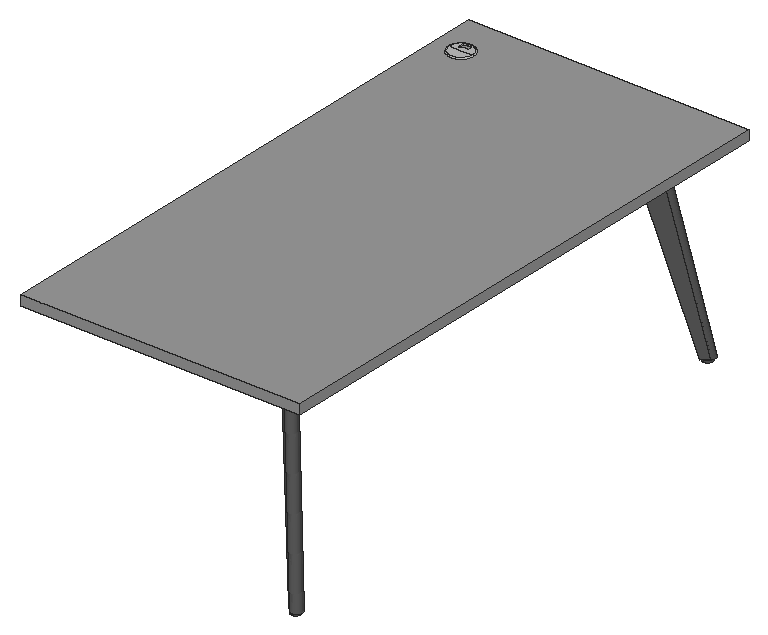
Revit family "Haworth_AWood_Bench_FixedLegs_EndExtension_EU_PRELIMINARY", category Furniture, Revit 2019
Family settings
  OmniClass Number = 23.40.70.14.64.11
  OmniClass Title = Office Furniture
  Work Plane-Based = No
  Always vertical = Yes
  Cut with Voids When Loaded = No
  Shared = No
  Room Calculation Point = No
Parameters (values of type "100 x 200")
  Worksurface Depth = "160, 180, 200cm"  # constant formula
  Worksurface Width = "80, 90, 100cm"  # constant formula
  Warranty = "http://www.haworth.com/resources/product-info/warranties"
  URL - Product = "https://www.haworth.com/eu/en/products/office-desks/a-wood.html?_br_psugg_q=awood"
  Type Comments = ""
  URL = "https://www.haworth.com/eu/en.html"
  Trim Finish = Haworth _ Metal _ Structured White EC
  Tray Depth = Actual Depth - 80 cm  # 120 cm
  Top Finish [instance] = Haworth _ Laminate _ Undecided _ Tables
  Small = no
  Size = "Verify Final Dim.w/ Haworth"  # constant formula
  Round Cable Outlet = yes
  Revision Number = "1"  # constant formula
  No Accessory Kit = not(or(Accessory Kit, Flip Top Cable Outlet, Round Cable Outlet))  # no
  Model = "AWB5LXXXX"  # constant formula
  Medium = not(or(Large, Small))  # no
  Manufacturer = "Haworth"  # constant formula
  Leg Height = Actual Height - 3.5 cm  # 69.5 cm
  Large = yes
  Flip Top Finish = Haworth _ Paint _ Metallic Silver
  Flip Top Cable Outlet = no
  Description = "Haworth - A_Wood - Bench - Fixed Legs - End Extension"  # constant formula
  Base Finish [instance] = Haworth _ Paint _ Black
  Author = "Haworth (Abd Rahman)"  # constant formula
  Assembly Code = "E2020200"
  Actual Width = 100 cm
  Actual Height = 73 cm  # constant formula
  Actual Depth = if(Small, 160 cm, if(Medium, 180 cm, 200 cm))  # 200 cm
  Accessory Kit = yes
Types (9, lengths in cm): name | Tray Depth | Small | Round Cable Outlet | No Accessory Kit | Medium | Large | Flip Top Cable Outlet | Actual Width | Actual Depth | Accessory Kit
  80 x 160 | 80 | yes | no | yes | no | no | no | 80 | 160 | no
  90 x 160 | 80 | yes | no | yes | no | no | no | 90 | 160 | no
  100 x 160 | 80 | yes | no | yes | no | no | no | 100 | 160 | no
  80 x 180 | 100 | no | no | no | yes | no | yes | 80 | 180 | yes
  90 x 180 | 100 | no | yes | no | yes | no | no | 90 | 180 | yes
  100 x 180 | 100 | no | no | no | yes | no | yes | 100 | 180 | yes
  80 x 200 | 120 | no | yes | no | no | yes | no | 80 | 200 | yes
  90 x 200 | 120 | no | no | no | no | yes | yes | 90 | 200 | yes
  100 x 200 | 120 | no | yes | no | no | yes | no | 100 | 200 | yes
Reference planes (cm)
  plane 1 "Center F/B": y = 17.4526
  plane 2: z = 0
  plane 3 "Center L/R": x = 11.43
  plane 4 "Top": z = 73
  plane 5 "Left": x = -38.57
  plane 6 "Right": x = 61.43
  plane 7 "Back": y = 117.4526
  plane 8 "Front": y = -82.5474
  plane 9: y = 102.4526
  plane 10: y = -67.5474
  plane 11: z = 70.5
  plane 12: z = 69.5
  plane 13: x = -33.57
  plane 14: x = 56.43
Dimensions and locks (cm)
  "Actual Height": plane 4 "Top" to level
  equal spacing: plane 7 "Back", plane 1 "Center F/B", plane 8 "Front"
  "Actual Depth": plane 7 "Back" to plane 8 "Front"
  equal spacing: plane 5 "Left", plane 3 "Center L/R", plane 6 "Right"
  "Actual Width": plane 5 "Left" to plane 6 "Right"
  plane 4 "Top" to plane 11 to plane 12 = 2.5 cm locked, 1 cm locked
  locked: plane 5 "Left" to plane 13 at 5
  locked: plane 14 to plane 6 "Right" at 5
  locked: plane 8 "Front" to plane 10 at 15
  locked: plane 7 "Back" to plane 9 at 15
  aligned and locked: plane 4 "Top" to nested 2
  aligned and locked: plane 3 "Center L/R" to nested 1
  aligned and locked: nested 1 to plane 8 "Front"
  aligned and locked: plane 4 "Top" to nested 3
  aligned and locked: plane 1 "Center F/B" to nested 3
  aligned and locked: nested 2 to plane 9
  aligned and locked: plane 13 to nested 3
  aligned and locked: plane 13 to nested 2
  aligned and locked: plane 9 to nested 4
  aligned and locked: nested 4 to plane 14
  aligned and locked: nested 5 to plane 14
  aligned and locked: plane 10 to nested 5
  aligned and locked: plane 12 to nested 5
  aligned and locked: plane 12 to nested 4
Nested families (cm)
  nested 1: "Haworth_A_Wood_Top_Rectangular-PART" at (170.2444, 88.5136, 0), Top Finish <- "Top Finish", type "A_Wood Top Rectangular - PART"
    with Top Finish Haworth _ Laminate _ Undecided _ Tables, Void Depth 0 cm, Scallop no, Rounded Corners no, Actual Width 100 cm, Actual Depth 200 cm
  nested 2: "Haworth_Grommet-PART" at (-13.3841, 131.6626, 20.7768), visible <- "Round Cable Outlet", type "Cable Outlet"
  nested 3: "Haworth-Flip Top" at (-26.2033, 16.0039, -7) x (0, 1, 0) z (0, 0, 1), visible <- "Flip Top Cable Outlet", type "Flip Top - Visio"
    with Actual Width 35 cm, Actual Depth 15 cm
  nested 4: "Haworth_A_Wood_SingleLeg_PART" at (-4.0131, 52.8883, 0) x (0, -1, 0) z (0, 0, 1), Leg Finish <- "Base Finish", type "A_Wood Legs - PART"
    with Leg Finish Haworth _ Paint _ Black
  nested 5: "Haworth_A_Wood_SingleLeg_PART" at (-3.3844, -17.3543, 0) x (-1, 0, 0) z (0, 0, 1), Leg Finish <- "Base Finish", type "A_Wood Legs - PART"
    with Leg Finish Haworth _ Paint _ Black
Definition of nested family "Haworth_A_Wood_Top_Rectangular-PART"
  Parameters (values of type "A_Wood Top Rectangular - PART")
    Warranty = "https://www.haworth.com/resources/product-info/warranties"
    Void Depth = 15 cm
    URL - Product = ""
    Top Finish [instance] = none
    Thickness = 3.5 cm
    Squared Corners = yes
    Scallop = yes
    Rounded Corners = yes
    Rectangle = no
    Model = "Haworth - A_Wood"  # constant formula
    Description = "Haworth - A_Wood - Rectangular - Top - PART"  # constant formula
    URL = ""
    Revision Number = "1"  # constant formula
    Manufacturer = "Haworth"  # constant formula
    Author = "Haworth (Abd Rahman)"  # constant formula
    Assembly Code = "E2020200"
    Actual Width = 120 cm
    Actual Depth = 100 cm
  Reference planes (cm)
    plane 1 "Bottom": z = 0
    plane 2 "Top": z = 73
    plane 3 "Top Bottom": z = 69.5
    plane 4: x = -218.8144
    plane 5 "Right": x = -98.8144
    plane 6: y = -21.0609
    plane 7 "Front": y = -121.0609
    plane 8: x = -158.8144
    plane 9: y = -71.0609
    plane 10: y = -36.0609
    plane 11: x = -194.8144
    plane 12: x = -122.8144
  Forms (cm)
    Extrusion 1, solid, material <- "Top Finish", visible <- "Squared Corners"
      sketch origin (0, 0, 0) x (1, 0, 0) y (0, 1, 0)
        loop
          line (-218.8144, -21.0609) -> (-218.8144, -121.0609) -> (-98.8144, -121.0609) -> (-98.8144, -21.0609) -> (-218.8144, -21.0609)
      from 69.5 to 73
    Extrusion 2, solid, material <- "Top Finish", visible <- "Rounded Corners"
      sketch origin (0, 0, 0) x (1, 0, 0) y (0, 1, 0)
        loop
          arc (-214.8144, -21.0609) -> (-217.6428, -22.2325) -> (-218.8144, -25.0609) r 4
          line (-218.8144, -25.0609) -> (-218.8144, -117.0609)
          arc (-218.8144, -117.0609) -> (-217.6428, -119.8893) -> (-214.8144, -121.0609) r 4
          line (-214.8144, -121.0609) -> (-102.8144, -121.0609)
          arc (-102.8144, -121.0609) -> (-99.9859, -119.8893) -> (-98.8144, -117.0609) r 4
          line (-98.8144, -117.0609) -> (-98.8144, -25.0609)
          arc (-98.8144, -25.0609) -> (-99.9859, -22.2325) -> (-102.8144, -21.0609) r 4
          line (-102.8144, -21.0609) -> (-214.8144, -21.0609)
      from 69.5 to 73
    Extrusion 3, void
      sketch origin (0, 0, 0) x (1, 0, 0) y (0, 1, 0)
        loop
          line (-194.8144, -21.0609) -> (-189.1575, -36.0609) -> (-128.4712, -36.0609) -> (-122.8144, -21.0609) -> (-194.8144, -21.0609)
      from 0 to 182.4895
  Cuts and joins
    Extrusion 3 cuts Extrusion 2
    Extrusion 3 cuts Extrusion 1
  Lines and regions (cm)
    Masking region 1, visible <- "Squared Corners"
      outline origin (0, 0, 0) x (1, 0, 0) y (0, 1, 0)
        loop
          line (-218.8144, -21.0609) -> (-218.8144, -121.0609) -> (-98.8144, -121.0609) -> (-98.8144, -21.0609) -> (-218.8144, -21.0609)
    Masking region 2
      outline origin (0, -0.1905, 0) x (1, 0, 0) y (0, 1, 0)
        loop
          arc (-215.1194, -20.8704) -> (-217.7534, -22.199) -> (-218.8144, -24.9517) r 4.1015
          line (-218.8144, -24.9517) -> (-218.8144, -117.0498)
          arc (-218.8144, -117.0498) -> (-217.6953, -119.7514) -> (-214.9938, -120.8704) r 3.8205
          line (-214.9938, -120.8704) -> (-102.6349, -120.8704)
          arc (-102.6349, -120.8704) -> (-99.9334, -119.7514) -> (-98.8144, -117.0498) r 3.8205
          line (-98.8144, -117.0498) -> (-98.8144, -24.9517)
          arc (-98.8144, -24.9517) -> (-99.8753, -22.199) -> (-102.5093, -20.8704) r 4.1015
          line (-102.5093, -20.8704) -> (-215.1194, -20.8704)
  Dimensions and locks (cm)
    equal spacing: plane 4, plane 8, plane 5 "Right"
    equal spacing: plane 6, plane 9, plane 7 "Front"
    "Actual Depth": plane 7 "Front" to plane 6
    "Actual Width": plane 4 to plane 5 "Right"
    plane 2 "Top" to plane 3 "Top Bottom" = 3.5 cm  (x2)
    "Thickness": plane 2 "Top" to plane 3 "Top Bottom"
    locked: plane 4 to plane 11 at 24
    locked: plane 12 to plane 5 "Right" at 24
    "Void Depth": plane 10 to plane 6
    aligned and locked: Extrusion 1 sketch curve to plane 5 "Right"
    aligned and locked: Extrusion 1 sketch curve to plane 6
    aligned and locked: plane 4 to Extrusion 1 sketch curve
    aligned and locked: Extrusion 1 sketch curve to plane 7 "Front"
    aligned and locked: plane 2 "Top" to Extrusion 1
    aligned and locked: Extrusion 1 to plane 3 "Top Bottom"
    aligned and locked: Masking region 1 sketch curve to plane 5 "Right"
    aligned and locked: Masking region 1 sketch curve to plane 6
    aligned and locked: plane 4 to Masking region 1 sketch curve
    aligned and locked: Masking region 1 sketch curve to plane 7 "Front"
    aligned and locked: plane 6 to Masking region 2
    aligned and locked: plane 5 "Right" to Masking region 2
    aligned and locked: plane 7 "Front" to Extrusion 2
    aligned and locked: plane 7 "Front" to Masking region 2
    aligned and locked: Masking region 2 to plane 4
    aligned and locked: plane 10 to Extrusion 3 sketch curve
    aligned and locked: plane 6 to Extrusion 3 sketch curve
  Automatic sketch dimensions
    Extrusion 2 sketch curve to plane 4 = 0 cm
    plane 7 "Front" to Extrusion 2 sketch curve = 0 cm
    Extrusion 2 sketch curve to plane 6 = 0 cm
    Extrusion 2 sketch curve to plane 5 "Right" = 0 cm
    plane 4 to Extrusion 2 sketch curve = 4 cm  (x2)
    Extrusion 2 sketch curve to plane 5 "Right" = 4 cm  (x2)
    plane 4 to Masking region 2 sketch curve = 0 cm
    Masking region 2 sketch curve to plane 7 "Front" = 0 cm
    Masking region 2 sketch curve to plane 5 "Right" = 0 cm
    Masking region 2 sketch curve to plane 6 = 0 cm
    plane 4 to Masking region 2 sketch curve = 3.6949 cm
    Masking region 2 sketch curve to Masking region 2 sketch curve = 4.1015 cm
    Masking region 2 sketch curve to Masking region 2 sketch curve = 3.8205 cm
    Masking region 2 sketch curve to plane 5 "Right" = 3.8205 cm
    Masking region 2 sketch curve to plane 5 "Right" = 4.1015 cm
    Masking region 2 sketch curve to plane 5 "Right" = 3.6949 cm
    Extrusion 3 sketch curve to plane 11 = 0 cm  (x2)
    Extrusion 3 sketch curve to plane 6 = 0 cm  (x2)
    Extrusion 3 sketch curve to plane 12 = 0 cm  (x2)
    Extrusion 3 sketch curve to plane 11 = 5.6569 cm
    plane 12 to Extrusion 3 sketch curve = 5.6569 cm
Definition of nested family "Haworth_Grommet-PART"
  Parameters (values of type "Cable Outlet")
    Warranty = "http://www.haworth.com/resources/product-info/warranties"
    Vertical = no
    URL = "www.haworth.com"
    Trim Finish = none
    Size = "Verify Final Dim. w/ Haworth"  # constant formula
    Revision Number = "1"  # constant formula
    Model = "X742"  # constant formula
    Manufacturer = "Haworth"  # constant formula
    Horizontal = yes
    Description = "Haworth - Cable Outlet - 25mm"  # constant formula
    Author = "Haworth (Abd Rahman)"  # constant formula
    Assembly Code = "E2020200"
    Actual Width = 9 cm  # constant formula
    Actual Height = 0.2 cm  # constant formula
    Actual Depth = 9 cm  # constant formula
  Reference planes (cm)
    plane 1: z = 52.2232
    plane 2 "Center L/R": x = -15.6859
    plane 3 "Center F/B": y = -29.21
    plane 4 "Top": z = 52.4232
    plane 5 "Back": y = -24.71
    plane 6 "Front": y = -33.71
    plane 7 "Right": x = -11.1859
    plane 8 "Left": x = -20.1859
    plane 9: x = -15.505
  Forms (cm)
    Revolve 1, solid, material <- "Trim Finish", visible <- "Vertical"
      sketch origin (-67.9273, -29.21, 36.6305) x (0, 0, 1) y (1, 0, 0)
        loop
          line (15.6859, 52.4223) -> (11.5684, 52.4223)
          arc (11.5684, 52.4223) -> (11.398, 52.3576) -> (11.2576, 52.2414) r 0.557
          line (11.2576, 52.2414) -> (15.6859, 52.2414) -> (15.6859, 52.4223)
        axis (15.6859, 52.4223) -> (15.6859, 52.2414)
      angle from 0 to 360
    Extrusion 2, void
      sketch origin (-67.9273, 0.0749, 36.6305) x (0, 0, -1) y (0, 1, 0)
        loop
          line (-17.5569, -26.0506) -> (-17.3333, -28.1782)
          arc (-17.3333, -28.1782) -> (-17.1796, -28.323) -> (-16.9822, -28.2479) r 0.1989
          arc (-16.9822, -28.2479) -> (-16.9186, -28.1652) -> (-16.8471, -28.0891) r 1.0616
          arc (-16.8471, -28.0891) -> (-16.3186, -27.7135) -> (-15.6859, -27.5721) r 1.6402
          arc (-15.6859, -27.5721) -> (-15.1781, -27.6415) -> (-14.7164, -27.8643) r 1.6402
          arc (-14.7164, -27.8643) -> (-14.5025, -27.8909) -> (-14.3853, -27.7099) r 0.203
          line (-14.3853, -27.7099) -> (-14.1679, -25.8137)
          arc (-14.1679, -25.8137) -> (-15.8906, -25.5293) -> (-17.5569, -26.0506) r 3.7744
      from 0 to 71.12
    Revolve 3, solid, material <- "Trim Finish", visible <- "Horizontal"
      sketch origin (-0.0331, -29.3081, 0.0151) x (-1, 0, 0) y (0, 0, 1)
        loop
          line (15.6859, 52.408) -> (11.5287, 52.408)
          arc (11.5287, 52.408) -> (11.3569, 52.3343) -> (11.219, 52.208) r 0.5592
          line (11.219, 52.208) -> (15.6859, 52.208) -> (15.6859, 52.408)
        axis (15.6859, 52.408) -> (15.6859, 52.208)
      angle from 0 to 360
    Extrusion 4, void
      sketch origin (-0.0331, -0.0232, 0.0151) x (1, 0, 0) y (0, 1, 0)
        loop
          line (-17.5569, -26.0506) -> (-17.3333, -28.1782)
          arc (-17.3333, -28.1782) -> (-17.1796, -28.323) -> (-16.9822, -28.2479) r 0.1989
          arc (-16.9822, -28.2479) -> (-16.9186, -28.1652) -> (-16.8471, -28.0891) r 1.0616
          arc (-16.8471, -28.0891) -> (-16.3186, -27.7135) -> (-15.6859, -27.5721) r 1.6402
          arc (-15.6859, -27.5721) -> (-15.1781, -27.6415) -> (-14.7164, -27.8643) r 1.6402
          arc (-14.7164, -27.8643) -> (-14.5025, -27.8909) -> (-14.3853, -27.7099) r 0.203
          line (-14.3853, -27.7099) -> (-14.1679, -25.8137)
          arc (-14.1679, -25.8137) -> (-15.8906, -25.5293) -> (-17.5569, -26.0506) r 3.7744
      from 0 to 71.12
  Cuts and joins
    Extrusion 2 cuts Revolve 1
    Extrusion 4 cuts Revolve 3
  Lines and regions (cm)
    Masking region 1
      outline origin (0, 0, 0) x (1, 0, 0) y (0, 1, 0)
        loop
          circle (-15.6859, -29.2849) r 4.4363
        loop
          circle (-15.6859, -29.2849) r 4.0899
        loop
          line (-14.3853, -27.7099) -> (-14.1679, -25.8137)
          arc (-14.1679, -25.8137) -> (-15.8906, -25.5293) -> (-17.5569, -26.0506) r 3.7744
          line (-17.5569, -26.0506) -> (-17.3333, -28.1782)
          arc (-17.3333, -28.1782) -> (-17.1796, -28.323) -> (-16.9822, -28.2479) r 0.1989
          arc (-16.9822, -28.2479) -> (-16.9186, -28.1652) -> (-16.8471, -28.0891) r 1.0616
          arc (-16.8471, -28.0891) -> (-16.3186, -27.7135) -> (-15.6859, -27.5721) r 1.6402
          arc (-15.6859, -27.5721) -> (-15.1781, -27.6415) -> (-14.7164, -27.8643) r 1.6402
          arc (-14.7164, -27.8643) -> (-14.5025, -27.8909) -> (-14.3853, -27.7099) r 0.203
  Dimensions and locks (cm)
    equal spacing: plane 8 "Left", plane 2 "Center L/R", plane 7 "Right"
    "Actual Width": plane 8 "Left" to plane 7 "Right"
    equal spacing: plane 5 "Back", plane 3 "Center F/B", plane 6 "Front"
    "Actual Depth": plane 5 "Back" to plane 6 "Front"
    "Actual Height": plane 4 "Top" to plane 1
    aligned and locked: plane 3 "Center F/B" to cut or joined group of Revolve 1, Extrusion 2  (x2)
    aligned and locked: cut or joined group of Revolve 3, Extrusion 4 to plane 4 "Top"
    aligned and locked: cut or joined group of Revolve 3, Extrusion 4 to plane 1
    aligned and locked: cut or joined group of Revolve 1, Extrusion 2 to plane 2 "Center L/R"
    aligned and locked: plane 9 to cut or joined group of Revolve 1, Extrusion 2
  Automatic sketch dimensions
    Revolve 1 sketch curve to plane 1 = 4.335 cm
    Revolve 1 sketch curve to Revolve 1 sketch curve = 0.3107 cm
    Revolve 1 sketch curve to Revolve 1 sketch curve = 0.1099 cm
    Revolve 1 sketch curve to Revolve 1 sketch curve = 4.0077 cm
    Revolve 1 sketch curve to plane 7 "Right" = 4.8651 cm
    Revolve 1 sketch curve to Revolve 1 sketch curve = 0.3651 cm
    Revolve 1 sketch curve to Revolve 1 sketch curve = 0 cm  (x2)
    Revolve 1 sketch curve to Revolve 1 sketch curve = 0.0195 cm
    Extrusion 2 sketch curve to Extrusion 2 sketch curve = 0 cm  (x2)
    plane 1 to Extrusion 2 sketch curve = 1.9643 cm
    Extrusion 2 sketch curve to Extrusion 2 sketch curve = 0.4161 cm
    Extrusion 2 sketch curve to Extrusion 2 sketch curve = 1.0307 cm
    Extrusion 2 sketch curve to Extrusion 2 sketch curve = 0.4587 cm
    Extrusion 2 sketch curve to Extrusion 2 sketch curve = 0.0242 cm
    Extrusion 2 sketch curve to Extrusion 2 sketch curve = 1.0632 cm
    Extrusion 2 sketch curve to Extrusion 2 sketch curve = 0.203 cm
    Extrusion 2 sketch curve to Extrusion 2 sketch curve = 0.2174 cm
    Extrusion 2 sketch curve to plane 5 "Back" = 4.5096 cm
    Extrusion 2 sketch curve to Extrusion 2 sketch curve = 0.0825 cm
    Extrusion 2 sketch curve to Extrusion 2 sketch curve = 0.3588 cm
    Extrusion 2 sketch curve to Extrusion 2 sketch curve = 0.7253 cm
    Extrusion 2 sketch curve to Extrusion 2 sketch curve = 1.502 cm
    Extrusion 2 sketch curve to Extrusion 2 sketch curve = 0.0031 cm
    Extrusion 2 sketch curve to Extrusion 2 sketch curve = 2.0772 cm
    Extrusion 2 sketch curve to Extrusion 2 sketch curve = 0.1925 cm
    Extrusion 2 sketch curve to Extrusion 2 sketch curve = 0.1586 cm
    Extrusion 2 sketch curve to Extrusion 2 sketch curve = 0.1352 cm
    Extrusion 2 sketch curve to Extrusion 2 sketch curve = 1.0976 cm
    Extrusion 2 sketch curve to Extrusion 2 sketch curve = 0.1281 cm
    Masking region 1 sketch curve to Masking region 1 sketch curve = 0 cm  (x4)
    Masking region 1 sketch curve to plane 2 "Center L/R" = 0 cm  (x2)
    Masking region 1 sketch curve to plane 2 "Center L/R" = 0.4242 cm
    Masking region 1 sketch curve to Masking region 1 sketch curve = 1.0307 cm
    Masking region 1 sketch curve to plane 3 "Center F/B" = 1.0318 cm
    Masking region 1 sketch curve to Masking region 1 sketch curve = 0.1925 cm
    Masking region 1 sketch curve to plane 2 "Center L/R" = 1.871 cm
    plane 3 "Center F/B" to Masking region 1 sketch curve = 0.002 cm
    plane 2 "Center L/R" to Masking region 1 sketch curve = 0.0345 cm
    plane 2 "Center L/R" to Masking region 1 sketch curve = 0.0586 cm
    plane 2 "Center L/R" to Masking region 1 sketch curve = 1.0976 cm
    Masking region 1 sketch curve to Masking region 1 sketch curve = 0.203 cm
    plane 2 "Center L/R" to Masking region 1 sketch curve = 1.518 cm
    plane 3 "Center F/B" to Masking region 1 sketch curve = 0.0749 cm
    Masking region 1 sketch curve to Masking region 1 sketch curve = 0.0096 cm
    Masking region 1 sketch curve to plane 3 "Center F/B" = 0.3569 cm
    Masking region 1 sketch curve to Masking region 1 sketch curve = 0.0504 cm
    Masking region 1 sketch curve to plane 3 "Center F/B" = 1.5001 cm
    Masking region 1 sketch curve to Masking region 1 sketch curve = 0.0031 cm
    Masking region 1 sketch curve to plane 5 "Back" = 1.3406 cm
    Masking region 1 sketch curve to Masking region 1 sketch curve = 0.2938 cm
    Masking region 1 sketch curve to Masking region 1 sketch curve = 0.1586 cm
    Revolve 3 sketch curve to plane 7 "Right" = 0.0663 cm
    Revolve 3 sketch curve to Revolve 3 sketch curve = 0.3096 cm
    Revolve 3 sketch curve to Revolve 3 sketch curve = 0.1316 cm
    Revolve 3 sketch curve to Revolve 3 sketch curve = 4.0256 cm
    Revolve 3 sketch curve to plane 4 "Top" = 0.5434 cm
    Revolve 3 sketch curve to Revolve 3 sketch curve = 0.3434 cm
    Revolve 3 sketch curve to Revolve 3 sketch curve = 0 cm
    Revolve 3 sketch curve to Revolve 3 sketch curve = 0.0151 cm  (x2)
    Extrusion 4 sketch curve to Extrusion 4 sketch curve = 0 cm  (x2)
    Extrusion 4 sketch curve to plane 7 "Right" = 6.4042 cm
    Extrusion 4 sketch curve to Extrusion 4 sketch curve = 0.4161 cm
    Extrusion 4 sketch curve to Extrusion 4 sketch curve = 1.0307 cm
    Extrusion 4 sketch curve to Extrusion 4 sketch curve = 0.4587 cm
    Extrusion 4 sketch curve to Extrusion 4 sketch curve = 0.0242 cm
    Extrusion 4 sketch curve to Extrusion 4 sketch curve = 1.0632 cm
    Extrusion 4 sketch curve to Extrusion 4 sketch curve = 0.203 cm
    Extrusion 4 sketch curve to Extrusion 4 sketch curve = 0.2174 cm
    Extrusion 4 sketch curve to plane 5 "Back" = 4.6077 cm
    Extrusion 4 sketch curve to Extrusion 4 sketch curve = 0.0825 cm
    Extrusion 4 sketch curve to Extrusion 4 sketch curve = 0.3588 cm
    Extrusion 4 sketch curve to Extrusion 4 sketch curve = 0.7253 cm
    Extrusion 4 sketch curve to Extrusion 4 sketch curve = 1.502 cm
    Extrusion 4 sketch curve to Extrusion 4 sketch curve = 0.0031 cm
    Extrusion 4 sketch curve to Extrusion 4 sketch curve = 2.0772 cm
    Extrusion 4 sketch curve to Extrusion 4 sketch curve = 0.1925 cm
    Extrusion 4 sketch curve to Extrusion 4 sketch curve = 0.1586 cm
    Extrusion 4 sketch curve to Extrusion 4 sketch curve = 0.1352 cm
    Extrusion 4 sketch curve to Extrusion 4 sketch curve = 1.0976 cm
    Extrusion 4 sketch curve to Extrusion 4 sketch curve = 0.1281 cm
    radius of Masking region 1 sketch curve = 4.4363 cm
    radius of Masking region 1 sketch curve = 4.0899 cm
Definition of nested family "Haworth-Flip Top"
  Parameters (values of type "Flip Top - Visio")
    Warranty = ""
    URL - Product = ""
    URL = ""
    Sustainability Info = ""
    Size = "Verify Final Dim. w/ Haworth"  # constant formula
    Single Sided = no
    Single Sided Wide = yes
    Revision Number = ""
    OmniClass Number = ""
    Material Options = ""
    Manufacturer = "Haworth"  # constant formula
    LEED Data = ""
    Flip Top Height = 2.5 cm
    Flip Top Finish = none
    Double Sided = no
    Double Sided Wide = no
    Author = "SHAPE Environments, LLC"  # constant formula
    Assembly Code = ""
    Actual Width = 20 cm
    Actual Height = 80 cm
    Actual Depth = 11 cm
  Reference planes (cm)
    plane 1 "Center F/B": y = 0.1333
    plane 2: z = 0
    plane 3 "Center L/R": x = 1.4487
    plane 4 "Back": y = 5.6333
    plane 5 "Right": x = 11.4487
    plane 6 "Front": y = -5.3667
    plane 7 "Left": x = -8.5513
    plane 8 "Table Height": z = 80
    plane 9: z = 77.5
  Forms (cm)
    Extrusion 1, solid, material <- "Flip Top Finish"
      sketch origin (0, 0, 80) x (-1, 0, 0) y (0, -1, 0)
        loop
          line (8.5513, -5.6333) -> (8.5513, 5.3667) -> (-11.4487, 5.3667) -> (-11.4487, -5.6333) -> (8.5513, -5.6333)
      from 0 to 0.3175
    Extrusion 2, solid, material <- "Flip Top Finish"
      sketch origin (0, 0, 80) x (-1, 0, 0) y (0, -1, 0)
        loop
          line (8.2338, -5.1571) -> (8.2338, 4.8904) -> (-11.1312, 4.8904) -> (-11.1312, -5.1571) -> (8.2338, -5.1571)
      from 0 to -2.5
  Cuts and joins
    joined: Extrusion 1, Extrusion 2
  Lines and regions (cm)
    symbolic lines
      curve 1: line (-8.5513, 5.6333, 80) -> (11.4487, 5.6333, 80)
      curve 2: line (-8.5513, -5.3667, 80) -> (-8.5513, 5.6333, 80)
      curve 3: line (11.4487, -5.3667, 80) -> (-8.5513, -5.3667, 80)
      curve 4: line (11.4487, 5.6333, 80) -> (11.4487, -5.3667, 80)
  Dimensions and locks (cm)
    equal spacing: plane 7 "Left", plane 3 "Center L/R", plane 5 "Right"
    "Actual Width": plane 7 "Left" to plane 5 "Right"
    equal spacing: plane 6 "Front", plane 1 "Center F/B", plane 4 "Back"
    "Actual Depth": plane 4 "Back" to plane 6 "Front"
    plane 7 "Left" to Extrusion 2 sketch curve = 0.3175 cm
    plane 4 "Back" to Extrusion 2 sketch curve = 0.4762 cm
    Extrusion 2 sketch curve to plane 5 "Right" = 0.3175 cm
    Extrusion 2 sketch curve to plane 6 "Front" = 0.4763 cm
    "Actual Height": plane 8 "Table Height" to level
    "Flip Top Height": plane 8 "Table Height" to plane 9
    aligned and locked: plane 7 "Left" to Extrusion 1 sketch curve
    aligned and locked: Extrusion 1 sketch curve to plane 4 "Back"
    aligned and locked: plane 6 "Front" to Extrusion 1 sketch curve
    aligned and locked: Extrusion 1 sketch curve to plane 5 "Right"
    aligned and locked: plane 9 to cut or joined group of Extrusion 1, Extrusion 2
  Automatic sketch dimensions
    curve 4 to plane 5 "Right" = 0 cm
    curve 2 to plane 4 "Back" = 0 cm
    curve 2 to plane 7 "Left" = 0 cm
    curve 4 to plane 6 "Front" = 0 cm
Definition of nested family "Haworth_A_Wood_SingleLeg_PART"
  Parameters (values of type "A_Wood Legs - PART")
    Warranty = "https://www.haworth.com/resources/product-info/warranties"
    URL - Product = ""
    Model = "Haworth - A_Wood"  # constant formula
    Metal Finish = none
    Leg Finish [instance] = none
    Description = "Haworth - A_Wood - Legs - PART"  # constant formula
    URL = ""
    Revision Number = "1"  # constant formula
    Manufacturer = "Haworth"  # constant formula
    Author = "Haworth (Abd Rahman)"  # constant formula
    Assembly Code = "E2020200"
    Actual Height = 73 cm  # constant formula
  Reference planes (cm)
    plane 1 "Bottom": z = 0
    plane 2 "Top": z = 73
    plane 3 "Top Bottom": z = 69.5
    plane 4: x = -59.8144
    plane 5: x = -39.3144
    plane 6: y = -39.9431
    plane 7 "Front": y = -60.4431
    plane 8: x = -49.5644
    plane 9: y = -50.1931
  Forms (cm)
    SweptBlend 1, solid, material <- "Leg Finish"
      path origin (-58.7425, -59.2694, 121.92) x (-0.707107, -0.707107, 0) y (0, 0, -1)
        loop
          line (-1.6984, 123.3068) -> (-17.8231, 51.5727)
      profile origin (-57.5416, -58.0684, -1.3868) x (-0.689892, -0.689892, 0.219313) y (0.707107, -0.707107, 0)
        loop
          line (-2.6886, 1.6172) -> (-2.6886, -2.1828) -> (0.0676, -2.1828)
          arc (0.0676, -2.1828) -> (1.9676, -0.2828) -> (0.0676, 1.6172) r 1.9
          line (0.0676, 1.6172) -> (-2.6886, 1.6172)
      end profile origin (-46.1396, -46.6665, 70.3473) x (-0.689892, -0.689892, 0.219313) y (0.707107, -0.707107, 0)
        loop
          line (-7.1321, -2.1828) -> (0, -2.1828)
          arc (0, -2.1828) -> (1.9, -0.2828) -> (0, 1.6172) r 1.9
          line (0, 1.6172) -> (-7.1321, 1.6172) -> (-7.1321, -2.1828)
    Extrusion 2, void
      sketch origin (-58.7425, -59.2694, 121.92) x (-0.707107, -0.707107, 0) y (0, 0, -1)
        loop
          line (-22.8359, 60.9135) -> (-31.3359, 60.9135) -> (-31.3359, 46.4135) -> (-6.8632, 46.4135) -> (-6.8632, 53.0135) -> (-22.8359, 53.0135) -> (-22.8359, 60.9135)
        loop
          line (1.2172, 120.9135) -> (1.2172, 124.4135) -> (-5.7828, 124.4135) -> (-5.7828, 120.9135) -> (1.2172, 120.9135)
      from -2.1828 to 1.6172
    Extrusion 3, solid, material <- "Metal Finish"
      sketch origin (22.515, 0, 0) x (-1, 0, 0) y (0, -1, 0)
        loop
          arc (63.3082, 55.3567) -> (64.353, 43.9204) -> (75.222, 40.2132) r 10.5502
          arc (75.222, 40.2132) -> (77.0947, 53.9447) -> (63.3082, 55.3567) r 9.6395
        loop
          circle (75.5231, 43.1034) r 0.6436
        loop
          circle (69.4207, 42.3367) r 0.5
        loop
          circle (63.9678, 47.7855) r 0.5
        loop
          circle (64.6924, 53.9741) r 0.6849
        loop
          circle (74.6212, 53.0565) r 0.7071
      from 68.9065 to 69.5
    Revolve 4, solid
      sketch origin (-0.1869, -57.1918, 0) x (1, 0, 0) y (0, 0, 1)
        loop
          line (-56.6292, 1.0037) -> (-56.6292, 0) -> (-54.9292, 0) -> (-54.9292, 0.4) -> (-56.0292, 0.4) -> (-56.0292, 1.0037) -> (-56.6292, 1.0037)
        axis (-56.6292, 1.0037) -> (-56.6292, 0)
      angle from 0 to 360
    Extrusion 5, solid, material <- "Metal Finish"
      sketch origin (-25.6346, -85.9201, 0) x (0.707107, -0.707107, 0) y (0, 0, 1)
        loop
          line (-44.0328, 69.5) -> (-44.0328, 62.4065) -> (-41.0328, 62.4065) -> (-41.0328, 69.5) -> (-44.0328, 69.5)
        loop
          circle (-42.5693, 66.9745) r 1
        loop
          circle (-42.5978, 63.7457) r 1
      from -18.4115 to -18.1579
    Extrusion 6, void
      sketch origin (-25.6346, -85.9201, 0) x (0.707107, -0.707107, 0) y (0, 0, 1)
        loop
          circle (-42.5693, 66.9745) r 1
        loop
          circle (-42.5978, 63.7457) r 1
      from -20.0066 to -17.9454
  Cuts and joins
    Extrusion 2, Extrusion 6 cuts SweptBlend 1
    Extrusion 6 cuts Extrusion 5
    joined: Extrusion 3, Extrusion 5
  Lines and regions (cm)
    symbolic lines, detail levels medium+fine
      curve 1: arc (-53.9353, -40.9662, 0) -> (-42.6617, -43.3429, 0) -> (-40.285, -54.6165, 0) r 10.5502
      curve 2: arc (-40.285, -54.6165, 0) -> (-46.2123, -57.5166, 0) -> (-52.6178, -55.9317, 0) r 9.6539
      curve 3: line (-58.7572, -56.6971, 0) -> (-55.2939, -53.2338, 0)
      curve 4: line (-52.6178, -55.9317, 0) -> (-56.0702, -59.3841, 0)
      curve 5: arc (-56.074, -59.3805, 0) -> (-58.786, -59.4129, 0) -> (-58.7536, -56.7008, 0) r 1.8953
      curve 6: arc (-55.2939, -53.2338, 0) -> (-56.8312, -46.8545, 0) -> (-53.9353, -40.9662, 0) r 9.6539
  Dimensions and locks (cm)
    "Actual Height": plane 2 "Top" to level
    plane 2 "Top" to plane 3 "Top Bottom" = 3.5 cm
    equal spacing: plane 4, plane 8, plane 5
    equal spacing: plane 6, plane 9, plane 7 "Front"
    Extrusion 5 sketch curve to cut or joined group of SweptBlend 1, Extrusion 2, Extrusion 6 = 0.3942 cm
    Extrusion 5 sketch curve to Extrusion 5 sketch curve = 3 cm
  Automatic sketch dimensions
    curve 2 to curve 6 = 0 cm  (x2)
    plane 4 to curve 5 = 2.3685 cm
    plane 4 to curve 3 = 4.5204 cm
    curve 4 to plane 8 = 3.0535 cm
    curve 1 to plane 8 = 0.5574 cm
    plane 8 to curve 6 = 2.3284 cm
    curve 5 to plane 7 "Front" = 2.3704 cm
    curve 4 to plane 7 "Front" = 4.5114 cm
    curve 3 to plane 9 = 3.0407 cm
    curve 1 to plane 9 = 0.6099 cm
    curve 1 to curve 6 = 2.8858 cm
    plane 4 to curve 5 = 1.0607 cm
    curve 3 to curve 5 = 0.0036 cm
    curve 5 to curve 5 = 1.3718 cm
    curve 4 to plane 7 "Front" = 1.059 cm
    curve 5 to curve 4 = 0.0038 cm
    curve 1 to plane 6 = 1.0231 cm
    curve 4 to curve 5 = 0.0036 cm
    curve 5 to curve 3 = 0.0038 cm
    plane 3 "Top Bottom" to SweptBlend 1 sketch curve = 0.8473 cm
    SweptBlend 1 sketch curve to level = 1.3868 cm
    SweptBlend 1 sketch curve to SweptBlend 1 sketch curve = 16.1248 cm
    profile plane to SweptBlend 1 sketch curve = 1.6172 cm
    profile plane to SweptBlend 1 sketch curve = 2.6886 cm
    SweptBlend 1 sketch curve to profile plane = 0.0676 cm
    SweptBlend 1 sketch curve to profile plane = 0.2828 cm  (x2)
    SweptBlend 1 sketch curve to profile plane = 0 cm
    SweptBlend 1 sketch curve to profile plane = 2.1828 cm
    SweptBlend 1 sketch curve to SweptBlend 1 sketch curve = 7.1321 cm
    Extrusion 2 sketch curve to plane 3 "Top Bottom" = 8.4935 cm
    Extrusion 2 sketch curve to Extrusion 2 sketch curve = 8.5 cm
    Extrusion 2 sketch curve to plane 3 "Top Bottom" = 0.5935 cm
    Extrusion 2 sketch curve to Extrusion 2 sketch curve = 15.9727 cm
    level to Extrusion 2 sketch curve = 1.0065 cm
    Extrusion 2 sketch curve to Extrusion 2 sketch curve = 17.0531 cm
    Extrusion 2 sketch curve to level = 2.4935 cm
    Extrusion 2 sketch curve to Extrusion 2 sketch curve = 7 cm
    plane 2 "Top" to Extrusion 2 sketch curve = 2.5065 cm
    plane 5 to Extrusion 3 sketch curve = 2.1385 cm
    plane 5 to Extrusion 3 sketch curve = 2.8631 cm
    Extrusion 3 sketch curve to plane 8 = 2.6586 cm
    Extrusion 3 sketch curve to plane 8 = 2.5606 cm
    plane 8 to Extrusion 3 sketch curve = 0.5653 cm
    plane 8 to Extrusion 3 sketch curve = 2.5418 cm
    plane 8 to Extrusion 3 sketch curve = 3.4437 cm
    plane 9 to Extrusion 3 sketch curve = 3.781 cm
    plane 9 to Extrusion 3 sketch curve = 2.8634 cm
    plane 9 to Extrusion 3 sketch curve = 0.2507 cm
    Extrusion 3 sketch curve to Extrusion 3 sketch curve = 2.4593 cm
    Extrusion 3 sketch curve to plane 9 = 2.4076 cm
    plane 6 to Extrusion 3 sketch curve = 3.1604 cm
    plane 6 to Extrusion 3 sketch curve = 2.3936 cm
    plane 5 to Extrusion 3 sketch curve = 1.4789 cm
    plane 6 to Extrusion 3 sketch curve = 0.2702 cm
    Revolve 4 sketch curve to level = 0 cm
    level to Revolve 4 sketch curve = 1.0037 cm
    plane 4 to Revolve 4 sketch curve = 2.9983 cm
    Revolve 4 sketch curve to Revolve 4 sketch curve = 0.6 cm
    Revolve 4 sketch curve to Revolve 4 sketch curve = 1.1 cm
    Revolve 4 sketch curve to Revolve 4 sketch curve = 0.4 cm
    Revolve 4 sketch curve to Revolve 4 sketch curve = 0 cm  (x2)
    Revolve 4 sketch curve to level = 0.0502 cm
    Extrusion 5 sketch curve to Extrusion 5 sketch curve = 1.435 cm
    Extrusion 5 sketch curve to Extrusion 5 sketch curve = 1.4634 cm
    Extrusion 5 sketch curve to plane 3 "Top Bottom" = 7.0935 cm
    Extrusion 5 sketch curve to Extrusion 5 sketch curve = 1.3391 cm
    Extrusion 5 sketch curve to plane 3 "Top Bottom" = 2.5255 cm
    Extrusion 5 sketch curve to plane 3 "Top Bottom" = 0 cm
    Extrusion 6 sketch curve to Extrusion 6 sketch curve = 3.2289 cm
    Extrusion 6 sketch curve to plane 3 "Top Bottom" = 5.7543 cm
    Extrusion 6 sketch curve to Extrusion 6 sketch curve = 0.0285 cm
    radius of Extrusion 3 sketch curve = 0.6436 cm
    radius of Extrusion 3 sketch curve = 0.5 cm  (x2)
    radius of Extrusion 3 sketch curve = 0.6849 cm
    radius of Extrusion 3 sketch curve = 0.7071 cm
    radius of Extrusion 5 sketch curve = 1 cm  (x2)
    radius of Extrusion 6 sketch curve = 1 cm  (x2)
